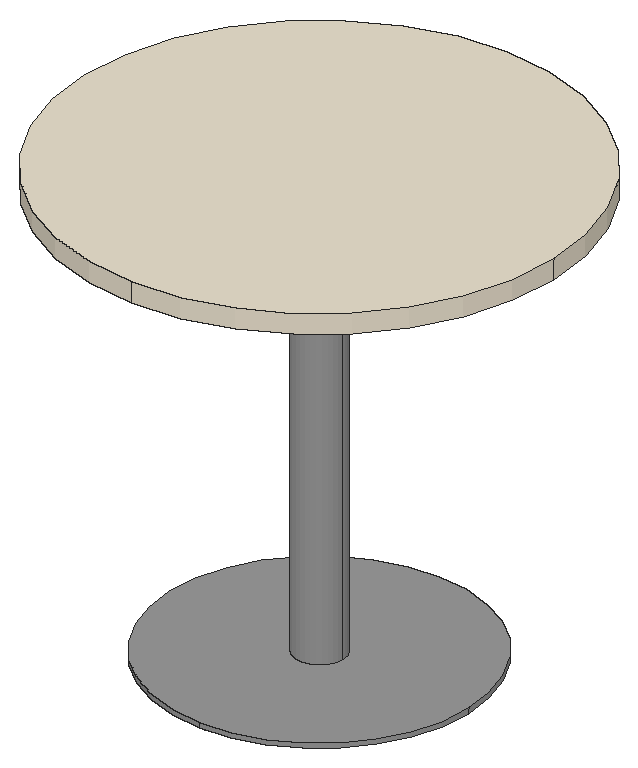
Revit family "FU_Table_Sandler_578-XT", category Furniture, Revit 2020
Family settings
  OmniClass Number = 23.40.20.00
  OmniClass Title = General Furniture and Specialties
  Work Plane-Based = No
  Always vertical = Yes
  Cut with Voids When Loaded = No
  Shared = No
  Room Calculation Point = No
Parameters (values of type "578 XT - 32" Round Top (80cm)")
  Width = 510 mm
  URL = "https://www.sandlerseating.com/product/art-578-xt/"
  Top Type = FU_TableTops_MT Rnd : 32" Round (80cm)
  Top Elevation = Height  # 720 mm
  Top Finish [instance] = Wood - Beech - Grey Stained
  Model = "578XT"
  Manufacturer = "Sandler"
  Height = 720 mm
  Frame Finish [instance] = Metal - Steel - Matt-Satin
  Description = "Table base in stainless steel."
  Depth = Width  # 510 mm
  Default Elevation = 0 mm
Types (6, lengths in mm): name | Top Type | Model | Frame Finish
  (no name) | FU_TableTops_MT Rnd : 32" Round (80cm) | "578XT" | Metal - Steel - Matt-Satin
  578 XT - 32" Round Top (80cm) | FU_TableTops_MT Rnd : 32" Round (80cm) | "578XT" | Metal - Steel - Matt-Satin
  578 XT - 36" Round Top (90cm) | FU_TableTops_MT Rnd : 36" Round (90cm) | "578 XT" | Metal - Steel - Matt-Satin
  578 XT - 40" Round Top (100cm) | FU_TableTops_MT Rnd : 40" Round (100cm) | "578 XT" | Metal - Steel - Matt-Satin
  578 XT - 32" Square Top (80cm) | FU_TableTops_MT Sqr : 32" Square (80cm) | "578 XT" | Metal - Steel - Polished
  578 XT - 36" Square Top (90cm) | FU_TableTops_MT Sqr : 36" Square (90cm) | "578 XT" | Metal - Steel - Polished
Reference planes
  plane 1 "Center (Front/Back)": y = 0
  plane 2: z = 0
  plane 3 "Center (Left/Right)": x = 0
  plane 4 "Right": x = -255
  plane 5 "Left": x = 255
  plane 6 "Back": y = 255
  plane 7 "Front": y = -255
  plane 8 "Height": z = 720
  plane 9 "Top Support": z = 700
  plane 10 "Glide Height": z = 6
  plane 11 "Base height": z = 14
  plane 12 "R Pad C": x = -239
  plane 13 "B Pad C": y = 239
  plane 14 "L Pad C": x = 239
  plane 15 "F Pad C": y = -239
Forms (mm)
  Extrusion 1, solid, material "Metal - Steel - Matt-Satin" <- "Frame Finish"
    sketch origin (0, 0, 6) x (-1, 0, 0) y (0, -1, 0)
      loop
        arc (255, 0) -> (180.312, 180.312) -> (0, 255) r 255
        arc (0, 255) -> (-180.312, 180.312) -> (-255, 0) r 255
        arc (-255, 0) -> (-180.312, -180.312) -> (0, -255) r 255
        arc (0, -255) -> (180.312, -180.312) -> (255, 0) r 255
    from 0 to 8
  Revolve 2, solid, material "Rubber, Black"
    sketch origin (0, 0, 0) x (1, 0, 0) y (0, 0, 1)
      loop
        line (-239, 0) -> (-239, 6) -> (-247, 6) -> (-247, 2)
        arc (-247, 2) -> (-246.414, 0.586) -> (-245, 0) r 2
        line (-245, 0) -> (-239, 0)
      axis (-239, 6) -> (-239, 0)
    angle from 0 to 360
  Revolve 3, solid, material "Rubber, Black"
    sketch origin (0, 0, 0) x (-1, 0, 0) y (0, 0, 1)
      loop
        line (-239, 0) -> (-239, 6) -> (-247, 6) -> (-247, 2)
        arc (-247, 2) -> (-246.414, 0.586) -> (-245, 0) r 2
        line (-245, 0) -> (-239, 0)
      axis (-239, 6) -> (-239, 0)
    angle from 0 to 360
  Revolve 4, solid, material "Rubber, Black"
    sketch origin (0, 0, 0) x (0, 1, 0) y (0, 0, 1)
      loop
        line (-239, 6) -> (-247, 6) -> (-247, 2)
        arc (-247, 2) -> (-246.414, 0.586) -> (-245, 0) r 2
        line (-245, 0) -> (-239, 0) -> (-239, 6)
      axis (-239, 6) -> (-239, 0)
    angle from 0 to 360
  Revolve 5, solid, material "Rubber, Black"
    sketch origin (0, 0, 0) x (0, -1, 0) y (0, 0, 1)
      loop
        line (-239, 6) -> (-247, 6) -> (-247, 2)
        arc (-247, 2) -> (-246.414, 0.586) -> (-245, 0) r 2
        line (-245, 0) -> (-239, 0) -> (-239, 6)
      axis (-239, 6) -> (-239, 0)
    angle from 0 to 360
  Extrusion 6, solid, material "Metal - Steel - Matt-Satin" <- "Frame Finish"
    sketch origin (0, 0, 6) x (-1, 0, 0) y (0, -1, 0)
      loop
        circle (0, 0) r 40
    from 0 to 694
Dimensions and locks
  equal spacing: plane 4 "Right", plane 3 "Center (Left/Right)", plane 5 "Left"
  "Width": plane 4 "Right" to plane 5 "Left"
  equal spacing: plane 6 "Back", plane 1 "Center (Front/Back)", plane 7 "Front"
  "Depth": plane 6 "Back" to plane 7 "Front"
  "Height": plane 8 "Height" to level
  locked: plane 8 "Height" to plane 9 "Top Support" at 20
  locked: plane 4 "Right" to plane 12 "R Pad C" at 16
  plane 14 "L Pad C" to plane 5 "Left" = 16 mm
  locked: plane 6 "Back" to plane 13 "B Pad C" at 16
  locked: plane 15 "F Pad C" to plane 7 "Front" at 16
  aligned and locked: level to plane 2
  aligned and locked: Extrusion 1 to plane 11 "Base height"
  aligned and locked: plane 11 "Base height" to Extrusion 1  (x3)
  aligned and locked: plane 8 "Height" to nested 1
  aligned and locked: Extrusion 6 to plane 10 "Glide Height"
  aligned and locked: plane 9 "Top Support" to Extrusion 6
Automatic sketch dimensions
  Extrusion 1 sketch curve to Extrusion 1 sketch curve = 0 mm  (x12)
  plane 1 "Center (Front/Back)" to Extrusion 1 sketch curve = 0 mm
  Extrusion 1 sketch curve to plane 5 "Left" = 0 mm
  Extrusion 1 sketch curve to plane 3 "Center (Left/Right)" = 0 mm  (x3)
  Revolve 2 sketch curve to plane 10 "Glide Height" = 0 mm
  Revolve 2 sketch curve to level = 0 mm
  plane 12 "R Pad C" to Revolve 2 sketch curve = 0 mm  (x2)
  Revolve 2 sketch curve to Revolve 2 sketch curve = 6 mm
  Revolve 2 sketch curve to Revolve 2 sketch curve = 2 mm
  Revolve 2 sketch curve to level = 10.049 mm
  Revolve 2 sketch curve to plane 11 "Base height" = 2.095 mm
  Revolve 3 sketch curve to plane 10 "Glide Height" = 0 mm
  Revolve 3 sketch curve to level = 0 mm
  Revolve 3 sketch curve to plane 14 "L Pad C" = 0 mm  (x2)
  Revolve 3 sketch curve to Revolve 3 sketch curve = 6 mm
  Revolve 3 sketch curve to Revolve 3 sketch curve = 2 mm
  level to Revolve 3 sketch curve = 10.049 mm
  plane 11 "Base height" to Revolve 3 sketch curve = 2.095 mm
  Revolve 4 sketch curve to plane 10 "Glide Height" = 0 mm
  Revolve 4 sketch curve to level = 0 mm
  Revolve 4 sketch curve to plane 15 "F Pad C" = 0 mm  (x2)
  level to Revolve 4 sketch curve = 2 mm
  plane 15 "F Pad C" to Revolve 4 sketch curve = 6 mm
  Revolve 4 sketch curve to level = 5.787 mm
  Revolve 4 sketch curve to plane 11 "Base height" = 1.201 mm
  Revolve 5 sketch curve to plane 10 "Glide Height" = 0 mm
  Revolve 5 sketch curve to level = 0 mm
  Revolve 5 sketch curve to plane 13 "B Pad C" = 0 mm  (x2)
  Revolve 5 sketch curve to level = 2 mm
  Revolve 5 sketch curve to plane 13 "B Pad C" = 6 mm
  Revolve 5 sketch curve to Revolve 5 sketch curve = 5.787 mm
  plane 11 "Base height" to Revolve 5 sketch curve = 1.201 mm
  plane 1 "Center (Front/Back)" to Extrusion 6 sketch curve = 0 mm
  Extrusion 6 sketch curve to plane 3 "Center (Left/Right)" = 0 mm
  radius of Extrusion 6 sketch curve = 40 mm
Nested families
  nested 1: "MT Top Support" at (0, 0, 0), Frame Finish <- "Frame Finish", type "MT Top Support"
    with Frame Finish Metal - Steel - Matt-Satin
  nested 2: "FU_TableTops_MT Rnd" at (0, 0, 0), Top Elevation <- "Top Elevation", Top Finish <- "Top Finish", type <- "Top Type", type "32" Round (80cm)"
    with Top Finish Wood - Beech - Grey Stained, Top Elevation 720 mm
Definition of nested family "MT Top Support"
  Parameters (values of type "MT Top Support")
    Frame Finish [instance] = none
    Default Elevation = 0 mm
  Reference planes
    plane 1 "Center (Front/Back)": y = 0
    plane 2: z = 0
    plane 3 "Center (Left/Right)": x = 0
    plane 4 "Right": x = -210
    plane 5 "Left": x = 210
    plane 6 "Back": y = 210
    plane 7 "Front": y = -210
    plane 8 "Height": z = 720
    plane 9: z = 700
  Forms (mm)
    Extrusion 1, solid, material <- "Frame Finish"
      sketch origin (0, 0, 700) x (-1, 0, 0) y (0, -1, 0)
        loop
          line (48, 44.024) -> (119.736, 115.76)
          arc (119.736, 115.76) -> (116.918, 118.6) -> (114.032, 121.37) r 166.741
          line (114.032, 121.37) -> (40.38, 47.718) -> (-40.38, 47.718) -> (-114.032, 121.37)
          arc (-114.032, 121.37) -> (-116.918, 118.6) -> (-119.736, 115.76) r 166.741
          line (-119.736, 115.76) -> (-48, 44.024) -> (-48, -44.024) -> (-120.014, -116.038)
          arc (-120.014, -116.038) -> (-117.202, -118.884) -> (-114.323, -121.661) r 166.741
          line (-114.323, -121.661) -> (-40.944, -48.282) -> (40.944, -48.282) -> (114.323, -121.661)
          arc (114.323, -121.661) -> (117.202, -118.884) -> (120.014, -116.038) r 166.741
          line (120.014, -116.038) -> (48, -44.024) -> (48, 44.024)
      from 0 to 15
    Extrusion 2, solid, material <- "Frame Finish"
      sketch origin (0, 0, 720) x (-1, 0, 0) y (0, -1, 0)
        loop
          arc (48, 9.198) -> (50.194, 20.46) -> (56.455, 30.074) r 30
          line (56.455, 30.074) -> (155.027, 131.809)
          arc (155.027, 131.809) -> (157.282, 137.439) -> (154.939, 143.033) r 8
          line (154.939, 143.033) -> (142.122, 155.85)
          arc (142.122, 155.85) -> (136.465, 158.193) -> (130.808, 155.85) r 8
          line (130.808, 155.85) -> (32.027, 57.069)
          arc (32.027, 57.069) -> (22.294, 50.566) -> (10.814, 48.282) r 30
          line (10.814, 48.282) -> (-10.814, 48.282)
          arc (-10.814, 48.282) -> (-22.294, 50.566) -> (-32.027, 57.069) r 30
          line (-32.027, 57.069) -> (-130.808, 155.85)
          arc (-130.808, 155.85) -> (-136.465, 158.193) -> (-142.122, 155.85) r 8
          line (-142.122, 155.85) -> (-154.939, 143.033)
          arc (-154.939, 143.033) -> (-157.282, 137.439) -> (-155.027, 131.809) r 8
          line (-155.027, 131.809) -> (-56.455, 30.074)
          arc (-56.455, 30.074) -> (-50.194, 20.46) -> (-48, 9.198) r 30
          line (-48, 9.198) -> (-48, -9.198)
          arc (-48, -9.198) -> (-50.194, -20.46) -> (-56.455, -30.074) r 30
          line (-56.455, -30.074) -> (-155.027, -131.809)
          arc (-155.027, -131.809) -> (-157.282, -137.439) -> (-154.939, -143.033) r 8
          line (-154.939, -143.033) -> (-142.122, -155.85)
          arc (-142.122, -155.85) -> (-136.465, -158.193) -> (-130.808, -155.85) r 8
          line (-130.808, -155.85) -> (-32.027, -57.069)
          arc (-32.027, -57.069) -> (-22.294, -50.566) -> (-10.814, -48.282) r 30
          line (-10.814, -48.282) -> (10.814, -48.282)
          arc (10.814, -48.282) -> (22.294, -50.566) -> (32.027, -57.069) r 30
          line (32.027, -57.069) -> (130.808, -155.85)
          arc (130.808, -155.85) -> (136.465, -158.193) -> (142.122, -155.85) r 8
          line (142.122, -155.85) -> (154.939, -143.033)
          arc (154.939, -143.033) -> (157.282, -137.439) -> (155.027, -131.809) r 8
          line (155.027, -131.809) -> (56.455, -30.074)
          arc (56.455, -30.074) -> (50.194, -20.46) -> (48, -9.198) r 30
          line (48, -9.198) -> (48, 9.198)
        loop
          line (-134.399, -141.055) -> (-124.502, -131.158)
          arc (-124.502, -131.158) -> (-124.502, -125.502) -> (-130.158, -125.502) r 3.999
          line (-130.158, -125.502) -> (-140.055, -135.399)
          arc (-140.055, -135.399) -> (-140, -141.001) -> (-134.399, -141.055) r 4
        loop
          arc (134.399, -141.055) -> (140, -141.001) -> (140.055, -135.399) r 4
          line (140.055, -135.399) -> (130.158, -125.502)
          arc (130.158, -125.502) -> (124.502, -125.502) -> (124.502, -131.158) r 3.999
          line (124.502, -131.158) -> (134.399, -141.055)
        loop
          arc (-134.399, 141.055) -> (-140, 141.001) -> (-140.055, 135.399) r 4
          line (-140.055, 135.399) -> (-130.158, 125.502)
          arc (-130.158, 125.502) -> (-124.502, 125.502) -> (-124.502, 131.158) r 3.999
          line (-124.502, 131.158) -> (-134.399, 141.055)
        loop
          line (134.399, 141.055) -> (124.502, 131.158)
          arc (124.502, 131.158) -> (124.502, 125.502) -> (130.158, 125.502) r 3.999
          line (130.158, 125.502) -> (140.055, 135.399)
          arc (140.055, 135.399) -> (140, 141.001) -> (134.399, 141.055) r 4
        loop
          circle (0, 0) r 7.5
      from -10 to 0
  Dimensions and locks
    equal spacing: plane 4 "Right", plane 3 "Center (Left/Right)", plane 5 "Left"
    plane 4 "Right" to plane 5 "Left" = 420 mm
    equal spacing: plane 6 "Back", plane 1 "Center (Front/Back)", plane 7 "Front"
    plane 6 "Back" to plane 7 "Front" = 420 mm
    plane 8 "Height" to level = 720 mm
    locked: plane 8 "Height" to plane 9 at 20
    aligned and locked: level to plane 2
  Automatic sketch dimensions
    plane 1 "Center (Front/Back)" to Extrusion 2 sketch curve = 0 mm
    Extrusion 2 sketch curve to plane 3 "Center (Left/Right)" = 0 mm
    plane 3 "Center (Left/Right)" to Extrusion 2 sketch curve = 10.814 mm  (x2)
    Extrusion 2 sketch curve to Extrusion 2 sketch curve = 21.213 mm  (x4)
    plane 1 "Center (Front/Back)" to Extrusion 2 sketch curve = 9.198 mm  (x2)
    plane 3 "Center (Left/Right)" to Extrusion 2 sketch curve = 48 mm
    Extrusion 2 sketch curve to plane 1 "Center (Front/Back)" = 30.074 mm  (x2)
    Extrusion 2 sketch curve to Extrusion 2 sketch curve = 8.455 mm  (x4)
    plane 1 "Center (Front/Back)" to Extrusion 2 sketch curve = 30.074 mm  (x2)
    Extrusion 2 sketch curve to plane 1 "Center (Front/Back)" = 9.198 mm  (x2)
    plane 5 "Left" to Extrusion 2 sketch curve = 85.498 mm  (x2)
    Extrusion 2 sketch curve to Extrusion 2 sketch curve = 2.828 mm  (x12)
    Extrusion 2 sketch curve to Extrusion 2 sketch curve = 6.306 mm  (x4)
    Extrusion 2 sketch curve to Extrusion 2 sketch curve = 9.897 mm  (x8)
    Extrusion 2 sketch curve to Extrusion 2 sketch curve = 5.657 mm  (x16)
    Extrusion 2 sketch curve to Extrusion 2 sketch curve = 2.773 mm  (x8)
    Extrusion 2 sketch curve to Extrusion 2 sketch curve = 2.883 mm  (x4)
    Extrusion 2 sketch curve to Extrusion 2 sketch curve = 9.227 mm  (x4)
    Extrusion 2 sketch curve to Extrusion 2 sketch curve = 5.745 mm  (x4)
    Extrusion 2 sketch curve to plane 3 "Center (Left/Right)" = 10.814 mm  (x2)
    Extrusion 2 sketch curve to plane 3 "Center (Left/Right)" = 48 mm
    Extrusion 2 sketch curve to plane 1 "Center (Front/Back)" = 48.282 mm
    Extrusion 2 sketch curve to Extrusion 2 sketch curve = 8.787 mm  (x4)
    Extrusion 2 sketch curve to plane 6 "Back" = 84.498 mm  (x2)
    Extrusion 2 sketch curve to Extrusion 2 sketch curve = 6.307 mm  (x4)
    Extrusion 2 sketch curve to Extrusion 2 sketch curve = 5.567 mm  (x4)
    Extrusion 2 sketch curve to Extrusion 2 sketch curve = 9.138 mm  (x4)
    plane 1 "Center (Front/Back)" to Extrusion 2 sketch curve = 48.282 mm
    plane 7 "Front" to Extrusion 2 sketch curve = 84.498 mm  (x2)
    Extrusion 1 sketch curve to Extrusion 1 sketch curve = 0 mm  (x12)
    Extrusion 1 sketch curve to plane 3 "Center (Left/Right)" = 0 mm
    plane 3 "Center (Left/Right)" to Extrusion 1 sketch curve = 40.38 mm
    plane 3 "Center (Left/Right)" to Extrusion 1 sketch curve = 40.944 mm
    Extrusion 1 sketch curve to Extrusion 1 sketch curve = 7.056 mm  (x2)
    plane 5 "Left" to Extrusion 1 sketch curve = 95.968 mm
    plane 5 "Left" to Extrusion 1 sketch curve = 95.677 mm
    Extrusion 1 sketch curve to Extrusion 1 sketch curve = 5.704 mm  (x2)
    Extrusion 1 sketch curve to Extrusion 1 sketch curve = 5.691 mm  (x2)
    Extrusion 1 sketch curve to plane 3 "Center (Left/Right)" = 40.38 mm
    Extrusion 1 sketch curve to plane 3 "Center (Left/Right)" = 40.944 mm
    Extrusion 1 sketch curve to plane 6 "Back" = 88.339 mm  (x2)
    Extrusion 1 sketch curve to Extrusion 1 sketch curve = 5.623 mm
    Extrusion 1 sketch curve to plane 1 "Center (Front/Back)" = 48.282 mm
    Extrusion 1 sketch curve to Extrusion 1 sketch curve = 4.258 mm  (x2)
    plane 1 "Center (Front/Back)" to Extrusion 1 sketch curve = 44.024 mm  (x2)
    Extrusion 1 sketch curve to Extrusion 1 sketch curve = 3.693 mm
    plane 7 "Front" to Extrusion 1 sketch curve = 94.24 mm  (x2)
    Extrusion 1 sketch curve to plane 4 "Right" = 95.968 mm
    Extrusion 1 sketch curve to plane 4 "Right" = 95.677 mm
    Extrusion 2 sketch curve to plane 4 "Right" = 85.498 mm  (x2)
    radius of Extrusion 2 sketch curve = 7.5 mm
Definition of nested family "FU_TableTops_MT Rnd"
  Parameters (values of type "59" Round (150cm)")
    Width = 1500 mm
    Top Finish [instance] = none
    Top Elevation [instance] = 1100 mm
    Depth = Width  # 1500 mm
    Default Elevation = 0 mm
  Types (10, lengths in mm): name | Width | Depth
    24" Round (60cm) | 600 | 600
    28" Round (70cm) | 700 | 700
    32" Round (80cm) | 800 | 800
    36" Round (90cm) | 900 | 900
    40" Round (100cm) | 1000 | 1000
    44" Round (110cm) | 1100 | 1100
    47" Round (120cm) | 1200 | 1200
    51" Round (130cm) | 1300 | 1300
    55" Round (140cm) | 1400 | 1400
    59" Round (150cm) | 1500 | 1500
  Reference planes
    plane 1 "Center (Front/Back)": y = 0
    plane 2: z = 0
    plane 3 "Center (Left/Right)": x = 0
    plane 4 "Right": x = -750
    plane 5 "Left": x = 750
    plane 6 "Back": y = 750
    plane 7 "Front": y = -750
    plane 8 "Elevation": z = 1100
    plane 9 "Top Height": z = 1131.75
  Forms (mm)
    Extrusion 1, solid, material <- "Top Finish"
      sketch origin (0, 0, 1100) x (-1, 0, 0) y (0, -1, 0)
        loop
          arc (0, -750) -> (530.33, -530.33) -> (750, 0) r 750
          arc (750, 0) -> (530.33, 530.33) -> (0, 750) r 750
          arc (0, 750) -> (-530.33, 530.33) -> (-750, 0) r 750
          arc (-750, 0) -> (-530.33, -530.33) -> (0, -750) r 750
      from 0 to 31.75
  Dimensions and locks
    equal spacing: plane 4 "Right", plane 3 "Center (Left/Right)", plane 5 "Left"
    "Width": plane 4 "Right" to plane 5 "Left"
    equal spacing: plane 6 "Back", plane 1 "Center (Front/Back)", plane 7 "Front"
    "Depth": plane 6 "Back" to plane 7 "Front"
    "Top Elevation": plane 8 "Elevation" to level
    locked: plane 9 "Top Height" to plane 8 "Elevation" at 31.75
    aligned and locked: level to plane 2
    aligned and locked: plane 9 "Top Height" to Extrusion 1
  Automatic sketch dimensions
    Extrusion 1 sketch curve to Extrusion 1 sketch curve = 0 mm  (x7)
    plane 1 "Center (Front/Back)" to Extrusion 1 sketch curve = 0 mm  (x2)
    Extrusion 1 sketch curve to plane 5 "Left" = 0 mm
    Extrusion 1 sketch curve to plane 3 "Center (Left/Right)" = 0 mm  (x3)
    Extrusion 1 sketch curve to plane 6 "Back" = 0 mm
